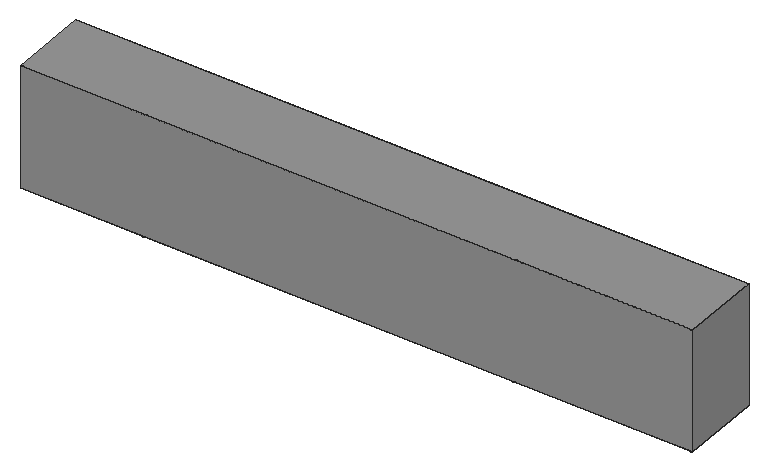
Revit family "RC_TaperBeam_custom", category 構造フレーム, Revit 2024
Family settings
  断面形状 = 未定義
  モデルのマテリアルの動作 = その他
  常にジオメトリとして書き出し = いいえ
  OmniClass 番号 = 23.25.30.11.14.14
  OmniClass タイトル = Beams
  常に垂直 = はい
  ロード時にボイドで切り取り = いいえ
  記号表現 = ファミリから
  共有 = いいえ
  平面図にファミリ プレカットを表示 = はい
Parameters (values of type "RC_TaperBeam")
  Length [instance] = 9000 mm
  下フカシ [instance] = 0 mm
  上フカシ [instance] = 0 mm
  visible_up [instance] = not(下フカシ < 10 mm)  # no
  visible_bottom [instance] = not(上フカシ < 10 mm)  # no
  jw_R2 [instance] = 500 mm
  jw_L2 [instance] = 500 mm
  j_taper_dist [instance] = 1800 mm
  j_column_offset [instance] = 250 mm
  j_center_offset [instance] = 0 mm
  iw_R2 [instance] = 500 mm
  iw_L2 [instance] = 500 mm
  i_taper_offset [instance] = 0 mm
  i_taper_dist [instance] = 1800 mm
  i_column_offset [instance] = 250 mm
  i_center_offset [instance] = 0 mm
  fukashi_up [instance] = if(上フカシ < 10 mm, 1 mm, 上フカシ)  # 1 mm
  fukashi_bottom [instance] = if(下フカシ < 10 mm, 1 mm, 下フカシ)  # 1 mm
  angle [instance] = 0.00°
  Rh [instance] = Length / 2 - j_column_offset  # 4250 mm
  Lh [instance] = Length / 2 - i_column_offset  # 4250 mm
  L_face [instance] = 8000 mm
  H [instance] = 1300 mm
  End_angle [instance] = 98.00°
  Base_W [instance] = 1000 mm
Types (16, lengths in mm): name | 下フカシ | 上フカシ | visible_up | visible_bottom | jw_R2 | jw_L2 | j_column_offset | iw_R2 | iw_L2 | fukashi_up | fukashi_bottom | Rh | End_angle
  RC_TaperBeam | 0 | 0 | no | no | 500 | 500 | 250 | 500 | 500 | 1 | 1 | 4250 | 98.00°
  GY2 | 0 | 0 | no | no | 700 | 700 | 0 | 600 | 600 | 1 | 1 | 4500 | 70.00°
  GY16 | 0 | 0 | no | no | 700 | 700 | 0 | 600 | 600 | 1 | 1 | 4500 | 70.00°
  GY1 | 0 | 0 | no | no | 700 | 700 | 0 | 600 | 600 | 1 | 1 | 4500 | 70.00°
  GY3 | 0 | 0 | no | no | 700 | 700 | 0 | 600 | 600 | 1 | 1 | 4500 | 70.00°
  GY5 | 0 | 0 | no | no | 700 | 700 | 0 | 600 | 600 | 1 | 1 | 4500 | 70.00°
  GY15 | 0 | 0 | no | no | 700 | 700 | 0 | 600 | 600 | 1 | 1 | 4500 | 70.00°
  GY10 | 0 | 0 | no | no | 700 | 700 | 0 | 600 | 600 | 1 | 1 | 4500 | 70.00°
  GY4 | 50 | 50 | yes | yes | 700 | 700 | 0 | 600 | 600 | 50 | 50 | 4500 | 70.00°
  GY2A | 50 | 50 | yes | yes | 700 | 700 | 0 | 600 | 600 | 50 | 50 | 4500 | 70.00°
  GY5A | 50 | 50 | yes | yes | 700 | 700 | 0 | 600 | 600 | 50 | 50 | 4500 | 70.00°
  GY1A | 50 | 50 | yes | yes | 700 | 700 | 0 | 600 | 600 | 50 | 50 | 4500 | 70.00°
  GY4A | 50 | 50 | yes | yes | 700 | 700 | 0 | 600 | 600 | 50 | 50 | 4500 | 70.00°
  GY4BW | 50 | 50 | yes | yes | 700 | 700 | 0 | 600 | 600 | 50 | 50 | 4500 | 70.00°
  GY10D | 0 | 0 | no | no | 700 | 700 | 0 | 600 | 600 | 1 | 1 | 4500 | 70.00°
  GY10A | 0 | 0 | no | no | 700 | 700 | 0 | 600 | 600 | 1 | 1 | 4500 | 70.00°
Reference planes
  plane 1 "中心(正面/背面)": y = 0
  plane 2 "中心立面図": z = 0
  plane 3 "中心(左/右)": x = 0
  plane 4 "左": x = -4250
  plane 5 "部材左": x = -3750
  plane 6 "スティック記号左": x = -1000
  plane 7 "右": x = 4750
  plane 8 "部材右": x = 4250
  plane 9 "スティック記号右": x = 1000
  plane 10: y = 500
  plane 11: y = -500
  plane 12: x = -1950
  plane 13: x = 2450
  plane 14: y = 500
  plane 15: y = -500
  plane 16: y = 500
  plane 17: y = -500
  plane 18: through (-3911.158, 1146.7, 1219.2) normal (0.9903, 0.1392, 0)
  plane 19: through (4431.3, -1290.015, 1219.2) normal (-0.9903, -0.1392, 0)
  plane 20: z = -1300
  plane 21: x = -3750
  plane 22: x = 4250
  plane 23: z = 1
  plane 24: z = -1301
Forms (mm)
  Extrusion 1, solid, material "コンクリート、現場打ち、灰色"
    sketch origin (0, 0, 0) x (1, 0, 0) y (0, 1, 0)
      loop
        line (-1950, 500) -> (-1950, -500) -> (2450, -500) -> (2450, 500) -> (-1950, 500)
    from -1300 to 0
  Extrusion 2, solid, material "コンクリート、現場打ち、灰色"
    sketch origin (0, 0, 0) x (1, 0, 0) y (0, 1, 0)
      loop
        line (-1950, 500) -> (-3820.27, 500) -> (-3679.73, -500) -> (-1950, -500) -> (-1950, 500)
    from -1300 to 0
  Extrusion 3, solid, material "コンクリート、現場打ち、灰色"
    sketch origin (0, 0, 0) x (1, 0, 0) y (0, 1, 0)
      loop
        line (2450, -500) -> (4320.27, -500) -> (4179.73, 500) -> (2450, 500) -> (2450, -500)
    from -1300 to 0
  Extrusion 4, solid, material "コンクリート、現場打ち、灰色(フカシ部)"
    sketch origin (0, 0, 0) x (1, 0, 0) y (0, 1, 0)
      loop
        line (-3820.27, 500) -> (-3679.73, -500) -> (-2200, -500) -> (2200, -500) -> (4320.27, -500) -> (4179.73, 500) -> (2200, 500) -> (-2192.528, 500) -> (-3820.27, 500)
    from 0 to 1
  Extrusion 5, solid, material "コンクリート、現場打ち、灰色(フカシ部)"
    sketch origin (0, 0, 0) x (1, 0, 0) y (0, 1, 0)
      loop
        line (-3820.27, 500) -> (-3679.73, -500) -> (-2200, -500) -> (2200, -500) -> (4320.27, -500) -> (4179.73, 500) -> (2200, 500) -> (-2192.528, 500) -> (-3820.27, 500)
    from -1301 to -1300
Cuts and joins
  joined: Extrusion 1, Extrusion 2, Extrusion 3
Lines and regions (mm)
  model lines, style "スティック記号", detail levels coarse
    curve 1: line (-1000, 0, 0) -> (1000, 0, 0)
  reference lines
    curve 2: line (-3750, 0, 0) -> (-3883.606, 950.657, 0)
    curve 3: line (4250, 0, 0) -> (4417.008, -1188.322, 0)
    curve 4: line (-1950, 500, 0) -> (-3820.27, 500, 0)
    curve 5: line (-3679.73, -500, 0) -> (-1950, -500, 0)
    curve 6: line (-1950, -500, 0) -> (-1950, 500, 0)
    curve 7: line (2450, 500, 0) -> (2450, -500, 0)
    curve 8: line (2450, 500, 0) -> (4179.73, 500, 0)
    curve 9: line (4320.27, -500, 0) -> (2450, -500, 0)
Dimensions and locks
  "Length": plane 4 "左" to plane 7 "右"
  equal spacing: plane 11, plane 1 "中心(正面/背面)", plane 10
  "Base_W": plane 11 to plane 10
  "iw_L2": plane 1 "中心(正面/背面)" to plane 14
  "iw_R2": plane 15 to plane 1 "中心(正面/背面)"
  "jw_L2": plane 1 "中心(正面/背面)" to plane 16
  "jw_R2": plane 17 to plane 1 "中心(正面/背面)"
  "H": level to plane 20
  "i_taper_dist": plane 21 to plane 12
  "j_taper_dist": plane 13 to plane 22
  "L_face": plane 21 to plane 22
  "fukashi_up": plane 23 to plane 2 "中心立面図"
  "fukashi_bottom": plane 24 to plane 20
  "Lh": plane 4 "左" to plane 3 "中心(左/右)"
  "Rh": plane 3 "中心(左/右)" to plane 22
  "End_angle": angle plane 1 "中心(正面/背面)" to curve 2
  "End_angle": angle plane 1 "中心(正面/背面)" to plane 18
  "End_angle": angle plane 1 "中心(正面/背面)" to curve 3
  "End_angle": angle plane 1 "中心(正面/背面)" to plane 19
  aligned and locked: plane 1 "中心(正面/背面)" to curve 1
  aligned and locked: plane 6 "スティック記号左" to curve 1
  aligned and locked: plane 9 "スティック記号右" to curve 1
  aligned and locked: level to plane 2 "中心立面図"
  aligned and locked: plane 12 to curve 4
  aligned and locked: plane 13 to curve 7
  aligned and locked: plane 21 to plane 5 "部材左"
  aligned and locked: plane 22 to plane 8 "部材右"
  aligned and locked: plane 10 to Extrusion 1 sketch curve
  aligned and locked: Extrusion 1 sketch curve to plane 12
  aligned and locked: Extrusion 1 sketch curve to plane 11
  aligned and locked: plane 13 to Extrusion 1 sketch curve
  aligned and locked: plane 20 to Extrusion 1
  aligned and locked: level to Extrusion 1
  aligned and locked: Extrusion 2 sketch curve to Extrusion 1
  aligned and locked: Extrusion 2 sketch curve to curve 4
  aligned and locked: Extrusion 2 sketch curve to curve 5
  aligned and locked: plane 20 to Extrusion 2
  aligned and locked: level to Extrusion 2
  aligned and locked: Extrusion 3 sketch curve to Extrusion 1
  aligned and locked: Extrusion 3 sketch curve to curve 9
  aligned and locked: plane 20 to Extrusion 3
  aligned and locked: level to Extrusion 3
  aligned and locked: Extrusion 2 sketch curve to plane 18
  aligned and locked: plane 19 to Extrusion 3 sketch curve
  aligned and locked: Extrusion 4 to level
  aligned and locked: plane 23 to Extrusion 4
  aligned and locked: plane 24 to Extrusion 5
  aligned and locked: Extrusion 5 to plane 20
  aligned and locked: Extrusion 5 sketch curve to plane 18
  aligned and locked: Extrusion 5 sketch curve to plane 19
  aligned and locked: curve 4 to Extrusion 5 sketch curve
  aligned and locked: Extrusion 5 sketch curve to curve 5
  aligned and locked: Extrusion 5 sketch curve to curve 8
  aligned and locked: Extrusion 5 sketch curve to curve 9
  aligned and locked: Extrusion 5 sketch curve to plane 10
  aligned and locked: Extrusion 5 sketch curve to plane 11
  aligned and locked: Extrusion 4 sketch curve to plane 18
  aligned and locked: Extrusion 4 sketch curve to curve 5
  aligned and locked: curve 4 to Extrusion 4 sketch curve
  aligned and locked: Extrusion 4 sketch curve to plane 19
  aligned and locked: Extrusion 4 sketch curve to curve 8
  aligned and locked: Extrusion 4 sketch curve to curve 9
  aligned and locked: Extrusion 4 sketch curve to plane 10
  aligned and locked: plane 11 to Extrusion 4 sketch curve
Automatic sketch dimensions
  plane 1 "中心(正面/背面)" to curve 2 = 0 mm
  curve 2 to plane 5 "部材左" = 0 mm
  plane 17 to curve 9 = 0 mm
  curve 9 to plane 19 = 0 mm
  plane 1 "中心(正面/背面)" to curve 3 = 0 mm
  plane 16 to curve 8 = 0 mm
  curve 8 to plane 19 = 0 mm
  plane 11 to curve 5 = 0 mm
  plane 11 to curve 7 = 0 mm
  plane 10 to curve 6 = 0 mm
  plane 10 to curve 7 = 0 mm
  curve 5 to plane 15 = 0 mm
  plane 18 to curve 5 = 0 mm
  plane 14 to curve 4 = 0 mm
  plane 16 to Extrusion 3 sketch curve = 0 mm
  plane 10 to Extrusion 3 sketch curve = 0 mm
